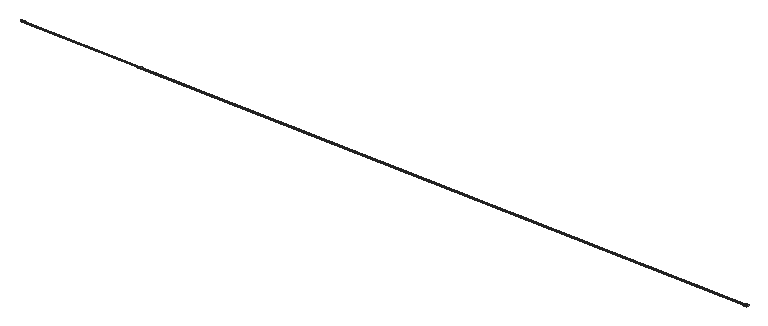
Revit family "0068180", category Lighting Fixtures, host Face, Revit 2017
Family settings
  Host = Face
  Round Connector Dimension = Use Diameter
  Part Type = Normal
  OmniClass Number = 23.80.70.00
  OmniClass Title = Lighting
  Cut with Voids When Loaded = No
  Light Source = Yes
  Shared = No
  Room Calculation Point = No
Parameters (values of type "0068180 FLEX PRO IP65 4400LM 930")
  Weight = "2.0 kg"
  Wattage Comments = ""
  Wattage = 48 W
  WarrantyStartDate [instance] = "n/a"
  WarrantyGuarantorParts = "n/a"
  WarrantyDurationUnit = "n/a"
  WarrantyDurationParts = "n/a"
  WarrantyDescription = "n/a"
  built-in parameter 1150110 = 1 (stored number, unit not read)
  Voltage = 0 V
  URL = "http://www.sylvania-lighting.com"
  TypeName = "Flex Pro IP65 4400lm 930"
  Type Image = <None>
  Type Comments = "n/a"
  built-in parameter 1114217 = 1 (stored number, unit not read)
  Tilt Angle = -90.00°
  built-in parameter 1150109 = 1 (stored number, unit not read)
  built-in parameter 1150134 = (empty or 0)
  built-in parameter 1150113 = 1 (stored number, unit not read)
  SerialNumber [instance] = "n/a"
  Photometric Web File = "0068180.ies"
  PHOTOMETRY3_SYL = 0 mm
  PHOTOMETRY2_SYL = LUM_WIDTH_SYL  # 5 mm
  PHOTOMETRY1_SYL = LUM_LENGHT_SYL / 2  # 2500 mm
  Material_3_SYL = Default New Material(1)
  PowerFactor = 0
  PowerConsumption = "48 W"
  NominalLength = 5000 mm
  NominalHeight = 4 mm
  NominalDepth = 12 mm
  Name = "Flex Pro IP65 4400lm 930"
  ModelReference = Name  # "Flex Pro IP65 4400lm 930"
  ModelNumber = "0068180"
  Model = Name  # "Flex Pro IP65 4400lm 930"
  Material = "other housing"
  ManufacturerName = "Feilo Sylvania"
  Manufacturer = "Feilo Sylvania"
  LuminousEfficacy = "92 lm/W"
  built-in parameter 1150105 = 351.41 (stored number, unit not read)
  Lumens = 4416 lm
  LuminaireType = ""
  built-in parameter 1150115 = 1 (stored number, unit not read)
  LightOutputRatio = "n/a"
  built-in parameter 1150137 = (empty or 0)
  built-in parameter 1150139 = (empty or 0)
  LampsType = Lamp  # "LED"
  LampNominalLuminous = "4400 lm"
  LampMacAdamStep = "n/a"
  LampColourTemperature = "3000 K"
  LampColourRenderingIndex = "90"
  built-in parameter 1150112 = 1 (stored number, unit not read)
  built-in parameter 1150114 = 1 (stored number, unit not read)
  Lamp = "LED"
  LUM_WIDTH_SYL = 5 mm
  LUM_LENGHT_SYL!!!! = "MUST BE DIVISIBLE WITH 50"
  LUM_LENGHT_SYL = 5000 mm  # constant formula
  LED_CH_S_WIDTH_SYL = 1.5 mm
  LED_CH_S_DEPTH2_SYL = 1 mm
  LED_CH_S_DEPTH1_SYL = 1.1 mm
  LED_CH_L_WIDTH_SYL = 1.7 mm
  LED_CH_L_DIST_SYL = 8.3 mm
  LED_CH_L_DIST1_SYL = 6 mm
  LED_CH_L_DEPTH_SYL = 1.4 mm
  Keynote = "16500"
  InstallationDate [instance] = "n/a"
  InputVoltage = "n/a"
  InputNominalFrequency = "n/a"
  built-in parameter 1150132 = (empty or 0)
  built-in parameter 1150102 = (empty or 0)
  built-in parameter 1150107 = 3000 (stored number, unit not read)
  built-in parameter 1150138 = (empty or 0)
  IngressProtection = "IP65"
  ImpactProtectionIndex = "IK00"
  built-in parameter 1150106 = 3.5141 (stored number, unit not read)
  IfcExportType = "IfcLightFixtureType"
  IfcExportAs = "IfcLightFixtureType"
  Emit from Circle Diameter = 609.6 mm
  Emit Shape Visible in Rendering = no
  ElectricShockClassification = "Class III"
  built-in parameter 1150104 = 8.5471 (stored number, unit not read)
  END_CAP_WIDTH_SYL = 7 mm
  END_CAP2_WIDTH_SYL = 10 mm
  DocumentationLiterature = "http://www.sylvania-lighting.com/product/en-int/products/0068180"
  DimmingControlOptions = "n/a"
  Material_2_SYL = Default New Material
  Dimming Lamp Color Temperature Shift = <None>
  Description = ""
  Default Elevation = 1219.2 mm
  CreatedOn = "10/16/2020"
  CreatedBy = "@sylvania-lighting.com"
  Cost = 0
  Color Filter = 16777215
  built-in parameter 1114216 [instance] = (empty or 0)
  ClassificationValue = "EF_70_80"
  ClassificationName = "Uniclass2015"
  Material_1_SYL = Default
  CABLE_LENGHT_SYL = 1000 mm
  CABLE_FIX_SYL = 1 mm
  CABLE_END_SYL = 15 mm
  CABLE_DIST_SYL = 1.5 mm
  CABLE_DIST2_SYL = 1.5 mm
  CABLE_BLEND_SYL = 15 mm
  BarCode [instance] = "n/a"
  built-in parameter 1114218 = 1 (stored number, unit not read)
  built-in parameter 1150133 = 10 (stored number, unit not read)
  AssetType = "Fixed"
  AssetIdentifier [instance] = "n/a"
  Assembly Code = "D5020200"
  Apparent Load = 48 VA
  Material_4_SYL = none
Reference planes
  plane 1 "Center (Front/Back)": y = 0
  plane 2: z = 0
  plane 3 "Center (Left/Right)": x = 0
  plane 4: x = 5000
  plane 5: y = 5
  plane 6: y = -5
  plane 7: x = 1
  plane 8: x = -1000
  plane 9: x = -15
  plane 10: x = -985
  plane 11: y = 1.5
  plane 12: y = -1.5
  plane 13: y = 3.5
  plane 14: y = -3.5
  plane 15: y = 1.7
  plane 16: y = -1.7
  plane 17: y = 1.5
  plane 18: y = -1.5
  plane 19: x = 6
  plane 20: x = 14.3
  plane 21: x = 22.6
  plane 22: x = 30.9
  plane 23: x = 39.2
  plane 24: x = 47.5
  plane 25: x = 7.4
  plane 26: x = 4.6
  plane 27: x = 15.7
  plane 28: x = 12.9
  plane 29: x = 24
  plane 30: x = 21.2
  plane 31: x = 32.3
  plane 32: x = 29.5
  plane 33: x = 37.8
  plane 34: x = 40.6
  plane 35: x = 46.1
  plane 36: x = 48.9
  plane 37: x = 10.1
  plane 38: x = 18.4
  plane 39: x = 26.7
  plane 40: x = 35
  plane 41: x = 43.3
  plane 42: x = 9.1
  plane 43: x = 11.2
  plane 44: x = 17.4
  plane 45: x = 19.5
  plane 46: x = 44.4
  plane 47: x = 42.3
  plane 48: x = 36.1
  plane 49: x = 34
  plane 50: y = 7
  plane 51: y = -7
  plane 52: x = 5010
  plane 53: y = -6
  plane 54: y = 6
Forms (mm)
  Extrusion 1, solid, material "Default New Material" <- "Material_2_SYL"
    sketch origin (0, 0, 0) x (1, 0, 0) y (0, 1, 0)
      loop
        line (0, 5) -> (0, -5) -> (5000, -5) -> (5000, 5) -> (0, 5)
    from -0.9 to -1.2
  Sweep 2, solid, material "Default" <- "Material_1_SYL"
    path origin (0, 0, 0) x (1, 0, 0) y (0, 1, 0)
      loop
        line (-15, 1.5) -> (-985, 1.5)
    profile origin (-500, 1.5, 0) x (0, -1, 0) y (0, 0, 1)
      loop
        circle (0, 0) r 1.399
  Sweep 3, solid, material "Default" <- "Material_1_SYL"
    path origin (0, 0, 0) x (1, 0, 0) y (0, 1, 0)
      loop
        line (-15, -1.5) -> (-985, -1.5)
    profile origin (-500, -1.5, 0) x (0, -1, 0) y (0, 0, 1)
      loop
        circle (0, 0) r 1.353
  Revolve 4, solid
    sketch origin (0, 0, 0) x (1, 0, 0) y (0, 1, 0)
      loop
        line (-985, 1.5) -> (-985, 2.444) -> (-1000, 2.444) -> (-1000, 1.5) -> (-985, 1.5)
      axis (-985, 1.5) -> (-1000, 1.5)
    angle from 360 to 0
  Revolve 5, solid
    sketch origin (0, 0, 0) x (1, 0, 0) y (0, 1, 0)
      loop
        line (-985, -1.5) -> (-1000, -1.5) -> (-1000, -2.423) -> (-985, -2.423) -> (-985, -1.5)
      axis (-985, -1.5) -> (-1000, -1.5)
    angle from 360 to 0
  Extrusion 6, solid
    sketch origin (0, 0, 0) x (1, 0, 0) y (0, 1, 0)
      loop
        line (7.4, -1.7) -> (7.4, 1.7) -> (4.6, 1.7) -> (4.6, -1.7) -> (7.4, -1.7)
      loop
        line (15.7, -1.7) -> (15.7, 1.7) -> (12.9, 1.7) -> (12.9, -1.7) -> (15.7, -1.7)
      loop
        line (21.2, 1.7) -> (21.2, -1.7) -> (24, -1.7) -> (24, 1.7) -> (21.2, 1.7)
      loop
        line (32.3, -1.7) -> (32.3, 1.7) -> (29.5, 1.7) -> (29.5, -1.7) -> (32.3, -1.7)
      loop
        line (40.6, -1.7) -> (40.6, 1.7) -> (37.8, 1.7) -> (37.8, -1.7) -> (40.6, -1.7)
      loop
        line (48.9, -1.7) -> (48.9, 1.7) -> (46.1, 1.7) -> (46.1, -1.7) -> (48.9, -1.7)
    from -1.2 to 0
  Extrusion 7, solid
    sketch origin (0, 0, 0) x (1, 0, 0) y (0, 1, 0)
      loop
        line (9.1, 1.5) -> (9.1, -1.5) -> (11.2, -1.5) -> (11.2, 1.5) -> (9.1, 1.5)
      loop
        line (17.4, 1.5) -> (17.4, -1.5) -> (19.5, -1.5) -> (19.5, 1.5) -> (17.4, 1.5)
      loop
        line (34, 1.5) -> (34, -1.5) -> (36.1, -1.5) -> (36.1, 1.5) -> (34, 1.5)
      loop
        line (42.3, 1.5) -> (42.3, -1.5) -> (44.4, -1.5) -> (44.4, 1.5) -> (42.3, 1.5)
    from -1.2 to -0.5
  Extrusion 8, solid
    sketch origin (4946.4, 0, 0) x (1, 0, 0) y (0, 1, 0)
      loop
        line (7.4, -1.7) -> (7.4, 1.7) -> (4.6, 1.7) -> (4.6, -1.7) -> (7.4, -1.7)
      loop
        line (15.7, -1.7) -> (15.7, 1.7) -> (12.9, 1.7) -> (12.9, -1.7) -> (15.7, -1.7)
      loop
        line (21.2, 1.7) -> (21.2, -1.7) -> (24, -1.7) -> (24, 1.7) -> (21.2, 1.7)
      loop
        line (32.3, -1.7) -> (32.3, 1.7) -> (29.5, 1.7) -> (29.5, -1.7) -> (32.3, -1.7)
      loop
        line (40.6, -1.7) -> (40.6, 1.7) -> (37.8, 1.7) -> (37.8, -1.7) -> (40.6, -1.7)
      loop
        line (48.9, -1.7) -> (48.9, 1.7) -> (46.1, 1.7) -> (46.1, -1.7) -> (48.9, -1.7)
    from -1.2 to 0
  Extrusion 9, solid
    sketch origin (49.964, 0, 0) x (1, 0, 0) y (0, 1, 0)
      loop
        line (7.4, -1.7) -> (7.4, 1.7) -> (4.6, 1.7) -> (4.6, -1.7) -> (7.4, -1.7)
      loop
        line (15.7, -1.7) -> (15.7, 1.7) -> (12.9, 1.7) -> (12.9, -1.7) -> (15.7, -1.7)
      loop
        line (21.2, 1.7) -> (21.2, -1.7) -> (24, -1.7) -> (24, 1.7) -> (21.2, 1.7)
      loop
        line (32.3, -1.7) -> (32.3, 1.7) -> (29.5, 1.7) -> (29.5, -1.7) -> (32.3, -1.7)
      loop
        line (40.6, -1.7) -> (40.6, 1.7) -> (37.8, 1.7) -> (37.8, -1.7) -> (40.6, -1.7)
      loop
        line (48.9, -1.7) -> (48.9, 1.7) -> (46.1, 1.7) -> (46.1, -1.7) -> (48.9, -1.7)
    from -1.2 to 0
  Extrusion 10, solid
    sketch origin (99.927, 0, 0) x (1, 0, 0) y (0, 1, 0)
      loop
        line (7.4, -1.7) -> (7.4, 1.7) -> (4.6, 1.7) -> (4.6, -1.7) -> (7.4, -1.7)
      loop
        line (15.7, -1.7) -> (15.7, 1.7) -> (12.9, 1.7) -> (12.9, -1.7) -> (15.7, -1.7)
      loop
        line (21.2, 1.7) -> (21.2, -1.7) -> (24, -1.7) -> (24, 1.7) -> (21.2, 1.7)
      loop
        line (32.3, -1.7) -> (32.3, 1.7) -> (29.5, 1.7) -> (29.5, -1.7) -> (32.3, -1.7)
      loop
        line (40.6, -1.7) -> (40.6, 1.7) -> (37.8, 1.7) -> (37.8, -1.7) -> (40.6, -1.7)
      loop
        line (48.9, -1.7) -> (48.9, 1.7) -> (46.1, 1.7) -> (46.1, -1.7) -> (48.9, -1.7)
    from -1.2 to 0
  Extrusion 11, solid
    sketch origin (149.891, 0, 0) x (1, 0, 0) y (0, 1, 0)
      loop
        line (7.4, -1.7) -> (7.4, 1.7) -> (4.6, 1.7) -> (4.6, -1.7) -> (7.4, -1.7)
      loop
        line (15.7, -1.7) -> (15.7, 1.7) -> (12.9, 1.7) -> (12.9, -1.7) -> (15.7, -1.7)
      loop
        line (21.2, 1.7) -> (21.2, -1.7) -> (24, -1.7) -> (24, 1.7) -> (21.2, 1.7)
      loop
        line (32.3, -1.7) -> (32.3, 1.7) -> (29.5, 1.7) -> (29.5, -1.7) -> (32.3, -1.7)
      loop
        line (40.6, -1.7) -> (40.6, 1.7) -> (37.8, 1.7) -> (37.8, -1.7) -> (40.6, -1.7)
      loop
        line (48.9, -1.7) -> (48.9, 1.7) -> (46.1, 1.7) -> (46.1, -1.7) -> (48.9, -1.7)
    from -1.2 to 0
  Extrusion 12, solid
    sketch origin (199.855, 0, 0) x (1, 0, 0) y (0, 1, 0)
      loop
        line (7.4, -1.7) -> (7.4, 1.7) -> (4.6, 1.7) -> (4.6, -1.7) -> (7.4, -1.7)
      loop
        line (15.7, -1.7) -> (15.7, 1.7) -> (12.9, 1.7) -> (12.9, -1.7) -> (15.7, -1.7)
      loop
        line (21.2, 1.7) -> (21.2, -1.7) -> (24, -1.7) -> (24, 1.7) -> (21.2, 1.7)
      loop
        line (32.3, -1.7) -> (32.3, 1.7) -> (29.5, 1.7) -> (29.5, -1.7) -> (32.3, -1.7)
      loop
        line (40.6, -1.7) -> (40.6, 1.7) -> (37.8, 1.7) -> (37.8, -1.7) -> (40.6, -1.7)
      loop
        line (48.9, -1.7) -> (48.9, 1.7) -> (46.1, 1.7) -> (46.1, -1.7) -> (48.9, -1.7)
    from -1.2 to 0
  Extrusion 13, solid
    sketch origin (249.818, 0, 0) x (1, 0, 0) y (0, 1, 0)
      loop
        line (7.4, -1.7) -> (7.4, 1.7) -> (4.6, 1.7) -> (4.6, -1.7) -> (7.4, -1.7)
      loop
        line (15.7, -1.7) -> (15.7, 1.7) -> (12.9, 1.7) -> (12.9, -1.7) -> (15.7, -1.7)
      loop
        line (21.2, 1.7) -> (21.2, -1.7) -> (24, -1.7) -> (24, 1.7) -> (21.2, 1.7)
      loop
        line (32.3, -1.7) -> (32.3, 1.7) -> (29.5, 1.7) -> (29.5, -1.7) -> (32.3, -1.7)
      loop
        line (40.6, -1.7) -> (40.6, 1.7) -> (37.8, 1.7) -> (37.8, -1.7) -> (40.6, -1.7)
      loop
        line (48.9, -1.7) -> (48.9, 1.7) -> (46.1, 1.7) -> (46.1, -1.7) -> (48.9, -1.7)
    from -1.2 to 0
  Extrusion 14, solid
    sketch origin (299.782, 0, 0) x (1, 0, 0) y (0, 1, 0)
      loop
        line (7.4, -1.7) -> (7.4, 1.7) -> (4.6, 1.7) -> (4.6, -1.7) -> (7.4, -1.7)
      loop
        line (15.7, -1.7) -> (15.7, 1.7) -> (12.9, 1.7) -> (12.9, -1.7) -> (15.7, -1.7)
      loop
        line (21.2, 1.7) -> (21.2, -1.7) -> (24, -1.7) -> (24, 1.7) -> (21.2, 1.7)
      loop
        line (32.3, -1.7) -> (32.3, 1.7) -> (29.5, 1.7) -> (29.5, -1.7) -> (32.3, -1.7)
      loop
        line (40.6, -1.7) -> (40.6, 1.7) -> (37.8, 1.7) -> (37.8, -1.7) -> (40.6, -1.7)
      loop
        line (48.9, -1.7) -> (48.9, 1.7) -> (46.1, 1.7) -> (46.1, -1.7) -> (48.9, -1.7)
    from -1.2 to 0
  Extrusion 15, solid
    sketch origin (349.745, 0, 0) x (1, 0, 0) y (0, 1, 0)
      loop
        line (7.4, -1.7) -> (7.4, 1.7) -> (4.6, 1.7) -> (4.6, -1.7) -> (7.4, -1.7)
      loop
        line (15.7, -1.7) -> (15.7, 1.7) -> (12.9, 1.7) -> (12.9, -1.7) -> (15.7, -1.7)
      loop
        line (21.2, 1.7) -> (21.2, -1.7) -> (24, -1.7) -> (24, 1.7) -> (21.2, 1.7)
      loop
        line (32.3, -1.7) -> (32.3, 1.7) -> (29.5, 1.7) -> (29.5, -1.7) -> (32.3, -1.7)
      loop
        line (40.6, -1.7) -> (40.6, 1.7) -> (37.8, 1.7) -> (37.8, -1.7) -> (40.6, -1.7)
      loop
        line (48.9, -1.7) -> (48.9, 1.7) -> (46.1, 1.7) -> (46.1, -1.7) -> (48.9, -1.7)
    from -1.2 to 0
  Extrusion 16, solid
    sketch origin (399.709, 0, 0) x (1, 0, 0) y (0, 1, 0)
      loop
        line (7.4, -1.7) -> (7.4, 1.7) -> (4.6, 1.7) -> (4.6, -1.7) -> (7.4, -1.7)
      loop
        line (15.7, -1.7) -> (15.7, 1.7) -> (12.9, 1.7) -> (12.9, -1.7) -> (15.7, -1.7)
      loop
        line (21.2, 1.7) -> (21.2, -1.7) -> (24, -1.7) -> (24, 1.7) -> (21.2, 1.7)
      loop
        line (32.3, -1.7) -> (32.3, 1.7) -> (29.5, 1.7) -> (29.5, -1.7) -> (32.3, -1.7)
      loop
        line (40.6, -1.7) -> (40.6, 1.7) -> (37.8, 1.7) -> (37.8, -1.7) -> (40.6, -1.7)
      loop
        line (48.9, -1.7) -> (48.9, 1.7) -> (46.1, 1.7) -> (46.1, -1.7) -> (48.9, -1.7)
    from -1.2 to 0
  Extrusion 17, solid
    sketch origin (449.673, 0, 0) x (1, 0, 0) y (0, 1, 0)
      loop
        line (7.4, -1.7) -> (7.4, 1.7) -> (4.6, 1.7) -> (4.6, -1.7) -> (7.4, -1.7)
      loop
        line (15.7, -1.7) -> (15.7, 1.7) -> (12.9, 1.7) -> (12.9, -1.7) -> (15.7, -1.7)
      loop
        line (21.2, 1.7) -> (21.2, -1.7) -> (24, -1.7) -> (24, 1.7) -> (21.2, 1.7)
      loop
        line (32.3, -1.7) -> (32.3, 1.7) -> (29.5, 1.7) -> (29.5, -1.7) -> (32.3, -1.7)
      loop
        line (40.6, -1.7) -> (40.6, 1.7) -> (37.8, 1.7) -> (37.8, -1.7) -> (40.6, -1.7)
      loop
        line (48.9, -1.7) -> (48.9, 1.7) -> (46.1, 1.7) -> (46.1, -1.7) -> (48.9, -1.7)
    from -1.2 to 0
  Extrusion 18, solid
    sketch origin (499.636, 0, 0) x (1, 0, 0) y (0, 1, 0)
      loop
        line (7.4, -1.7) -> (7.4, 1.7) -> (4.6, 1.7) -> (4.6, -1.7) -> (7.4, -1.7)
      loop
        line (15.7, -1.7) -> (15.7, 1.7) -> (12.9, 1.7) -> (12.9, -1.7) -> (15.7, -1.7)
      loop
        line (21.2, 1.7) -> (21.2, -1.7) -> (24, -1.7) -> (24, 1.7) -> (21.2, 1.7)
      loop
        line (32.3, -1.7) -> (32.3, 1.7) -> (29.5, 1.7) -> (29.5, -1.7) -> (32.3, -1.7)
      loop
        line (40.6, -1.7) -> (40.6, 1.7) -> (37.8, 1.7) -> (37.8, -1.7) -> (40.6, -1.7)
      loop
        line (48.9, -1.7) -> (48.9, 1.7) -> (46.1, 1.7) -> (46.1, -1.7) -> (48.9, -1.7)
    from -1.2 to 0
  Extrusion 19, solid
    sketch origin (549.6, 0, 0) x (1, 0, 0) y (0, 1, 0)
      loop
        line (7.4, -1.7) -> (7.4, 1.7) -> (4.6, 1.7) -> (4.6, -1.7) -> (7.4, -1.7)
      loop
        line (15.7, -1.7) -> (15.7, 1.7) -> (12.9, 1.7) -> (12.9, -1.7) -> (15.7, -1.7)
      loop
        line (21.2, 1.7) -> (21.2, -1.7) -> (24, -1.7) -> (24, 1.7) -> (21.2, 1.7)
      loop
        line (32.3, -1.7) -> (32.3, 1.7) -> (29.5, 1.7) -> (29.5, -1.7) -> (32.3, -1.7)
      loop
        line (40.6, -1.7) -> (40.6, 1.7) -> (37.8, 1.7) -> (37.8, -1.7) -> (40.6, -1.7)
      loop
        line (48.9, -1.7) -> (48.9, 1.7) -> (46.1, 1.7) -> (46.1, -1.7) -> (48.9, -1.7)
    from -1.2 to 0
  Extrusion 20, solid
    sketch origin (599.564, 0, 0) x (1, 0, 0) y (0, 1, 0)
      loop
        line (7.4, -1.7) -> (7.4, 1.7) -> (4.6, 1.7) -> (4.6, -1.7) -> (7.4, -1.7)
      loop
        line (15.7, -1.7) -> (15.7, 1.7) -> (12.9, 1.7) -> (12.9, -1.7) -> (15.7, -1.7)
      loop
        line (21.2, 1.7) -> (21.2, -1.7) -> (24, -1.7) -> (24, 1.7) -> (21.2, 1.7)
      loop
        line (32.3, -1.7) -> (32.3, 1.7) -> (29.5, 1.7) -> (29.5, -1.7) -> (32.3, -1.7)
      loop
        line (40.6, -1.7) -> (40.6, 1.7) -> (37.8, 1.7) -> (37.8, -1.7) -> (40.6, -1.7)
      loop
        line (48.9, -1.7) -> (48.9, 1.7) -> (46.1, 1.7) -> (46.1, -1.7) -> (48.9, -1.7)
    from -1.2 to 0
  Extrusion 21, solid
    sketch origin (649.527, 0, 0) x (1, 0, 0) y (0, 1, 0)
      loop
        line (7.4, -1.7) -> (7.4, 1.7) -> (4.6, 1.7) -> (4.6, -1.7) -> (7.4, -1.7)
      loop
        line (15.7, -1.7) -> (15.7, 1.7) -> (12.9, 1.7) -> (12.9, -1.7) -> (15.7, -1.7)
      loop
        line (21.2, 1.7) -> (21.2, -1.7) -> (24, -1.7) -> (24, 1.7) -> (21.2, 1.7)
      loop
        line (32.3, -1.7) -> (32.3, 1.7) -> (29.5, 1.7) -> (29.5, -1.7) -> (32.3, -1.7)
      loop
        line (40.6, -1.7) -> (40.6, 1.7) -> (37.8, 1.7) -> (37.8, -1.7) -> (40.6, -1.7)
      loop
        line (48.9, -1.7) -> (48.9, 1.7) -> (46.1, 1.7) -> (46.1, -1.7) -> (48.9, -1.7)
    from -1.2 to 0
  Extrusion 22, solid
    sketch origin (699.491, 0, 0) x (1, 0, 0) y (0, 1, 0)
      loop
        line (7.4, -1.7) -> (7.4, 1.7) -> (4.6, 1.7) -> (4.6, -1.7) -> (7.4, -1.7)
      loop
        line (15.7, -1.7) -> (15.7, 1.7) -> (12.9, 1.7) -> (12.9, -1.7) -> (15.7, -1.7)
      loop
        line (21.2, 1.7) -> (21.2, -1.7) -> (24, -1.7) -> (24, 1.7) -> (21.2, 1.7)
      loop
        line (32.3, -1.7) -> (32.3, 1.7) -> (29.5, 1.7) -> (29.5, -1.7) -> (32.3, -1.7)
      loop
        line (40.6, -1.7) -> (40.6, 1.7) -> (37.8, 1.7) -> (37.8, -1.7) -> (40.6, -1.7)
      loop
        line (48.9, -1.7) -> (48.9, 1.7) -> (46.1, 1.7) -> (46.1, -1.7) -> (48.9, -1.7)
    from -1.2 to 0
  Extrusion 23, solid
    sketch origin (749.455, 0, 0) x (1, 0, 0) y (0, 1, 0)
      loop
        line (7.4, -1.7) -> (7.4, 1.7) -> (4.6, 1.7) -> (4.6, -1.7) -> (7.4, -1.7)
      loop
        line (15.7, -1.7) -> (15.7, 1.7) -> (12.9, 1.7) -> (12.9, -1.7) -> (15.7, -1.7)
      loop
        line (21.2, 1.7) -> (21.2, -1.7) -> (24, -1.7) -> (24, 1.7) -> (21.2, 1.7)
      loop
        line (32.3, -1.7) -> (32.3, 1.7) -> (29.5, 1.7) -> (29.5, -1.7) -> (32.3, -1.7)
      loop
        line (40.6, -1.7) -> (40.6, 1.7) -> (37.8, 1.7) -> (37.8, -1.7) -> (40.6, -1.7)
      loop
        line (48.9, -1.7) -> (48.9, 1.7) -> (46.1, 1.7) -> (46.1, -1.7) -> (48.9, -1.7)
    from -1.2 to 0
  Extrusion 24, solid
    sketch origin (799.418, 0, 0) x (1, 0, 0) y (0, 1, 0)
      loop
        line (7.4, -1.7) -> (7.4, 1.7) -> (4.6, 1.7) -> (4.6, -1.7) -> (7.4, -1.7)
      loop
        line (15.7, -1.7) -> (15.7, 1.7) -> (12.9, 1.7) -> (12.9, -1.7) -> (15.7, -1.7)
      loop
        line (21.2, 1.7) -> (21.2, -1.7) -> (24, -1.7) -> (24, 1.7) -> (21.2, 1.7)
      loop
        line (32.3, -1.7) -> (32.3, 1.7) -> (29.5, 1.7) -> (29.5, -1.7) -> (32.3, -1.7)
      loop
        line (40.6, -1.7) -> (40.6, 1.7) -> (37.8, 1.7) -> (37.8, -1.7) -> (40.6, -1.7)
      loop
        line (48.9, -1.7) -> (48.9, 1.7) -> (46.1, 1.7) -> (46.1, -1.7) -> (48.9, -1.7)
    from -1.2 to 0
  Extrusion 25, solid
    sketch origin (849.382, 0, 0) x (1, 0, 0) y (0, 1, 0)
      loop
        line (7.4, -1.7) -> (7.4, 1.7) -> (4.6, 1.7) -> (4.6, -1.7) -> (7.4, -1.7)
      loop
        line (15.7, -1.7) -> (15.7, 1.7) -> (12.9, 1.7) -> (12.9, -1.7) -> (15.7, -1.7)
      loop
        line (21.2, 1.7) -> (21.2, -1.7) -> (24, -1.7) -> (24, 1.7) -> (21.2, 1.7)
      loop
        line (32.3, -1.7) -> (32.3, 1.7) -> (29.5, 1.7) -> (29.5, -1.7) -> (32.3, -1.7)
      loop
        line (40.6, -1.7) -> (40.6, 1.7) -> (37.8, 1.7) -> (37.8, -1.7) -> (40.6, -1.7)
      loop
        line (48.9, -1.7) -> (48.9, 1.7) -> (46.1, 1.7) -> (46.1, -1.7) -> (48.9, -1.7)
    from -1.2 to 0
  Extrusion 26, solid
    sketch origin (899.345, 0, 0) x (1, 0, 0) y (0, 1, 0)
      loop
        line (7.4, -1.7) -> (7.4, 1.7) -> (4.6, 1.7) -> (4.6, -1.7) -> (7.4, -1.7)
      loop
        line (15.7, -1.7) -> (15.7, 1.7) -> (12.9, 1.7) -> (12.9, -1.7) -> (15.7, -1.7)
      loop
        line (21.2, 1.7) -> (21.2, -1.7) -> (24, -1.7) -> (24, 1.7) -> (21.2, 1.7)
      loop
        line (32.3, -1.7) -> (32.3, 1.7) -> (29.5, 1.7) -> (29.5, -1.7) -> (32.3, -1.7)
      loop
        line (40.6, -1.7) -> (40.6, 1.7) -> (37.8, 1.7) -> (37.8, -1.7) -> (40.6, -1.7)
      loop
        line (48.9, -1.7) -> (48.9, 1.7) -> (46.1, 1.7) -> (46.1, -1.7) -> (48.9, -1.7)
    from -1.2 to 0
  Extrusion 27, solid
    sketch origin (949.309, 0, 0) x (1, 0, 0) y (0, 1, 0)
      loop
        line (7.4, -1.7) -> (7.4, 1.7) -> (4.6, 1.7) -> (4.6, -1.7) -> (7.4, -1.7)
      loop
        line (15.7, -1.7) -> (15.7, 1.7) -> (12.9, 1.7) -> (12.9, -1.7) -> (15.7, -1.7)
      loop
        line (21.2, 1.7) -> (21.2, -1.7) -> (24, -1.7) -> (24, 1.7) -> (21.2, 1.7)
      loop
        line (32.3, -1.7) -> (32.3, 1.7) -> (29.5, 1.7) -> (29.5, -1.7) -> (32.3, -1.7)
      loop
        line (40.6, -1.7) -> (40.6, 1.7) -> (37.8, 1.7) -> (37.8, -1.7) -> (40.6, -1.7)
      loop
        line (48.9, -1.7) -> (48.9, 1.7) -> (46.1, 1.7) -> (46.1, -1.7) -> (48.9, -1.7)
    from -1.2 to 0
  Extrusion 28, solid
    sketch origin (999.273, 0, 0) x (1, 0, 0) y (0, 1, 0)
      loop
        line (7.4, -1.7) -> (7.4, 1.7) -> (4.6, 1.7) -> (4.6, -1.7) -> (7.4, -1.7)
      loop
        line (15.7, -1.7) -> (15.7, 1.7) -> (12.9, 1.7) -> (12.9, -1.7) -> (15.7, -1.7)
      loop
        line (21.2, 1.7) -> (21.2, -1.7) -> (24, -1.7) -> (24, 1.7) -> (21.2, 1.7)
      loop
        line (32.3, -1.7) -> (32.3, 1.7) -> (29.5, 1.7) -> (29.5, -1.7) -> (32.3, -1.7)
      loop
        line (40.6, -1.7) -> (40.6, 1.7) -> (37.8, 1.7) -> (37.8, -1.7) -> (40.6, -1.7)
      loop
        line (48.9, -1.7) -> (48.9, 1.7) -> (46.1, 1.7) -> (46.1, -1.7) -> (48.9, -1.7)
    from -1.2 to 0
  Extrusion 29, solid
    sketch origin (1049.236, 0, 0) x (1, 0, 0) y (0, 1, 0)
      loop
        line (7.4, -1.7) -> (7.4, 1.7) -> (4.6, 1.7) -> (4.6, -1.7) -> (7.4, -1.7)
      loop
        line (15.7, -1.7) -> (15.7, 1.7) -> (12.9, 1.7) -> (12.9, -1.7) -> (15.7, -1.7)
      loop
        line (21.2, 1.7) -> (21.2, -1.7) -> (24, -1.7) -> (24, 1.7) -> (21.2, 1.7)
      loop
        line (32.3, -1.7) -> (32.3, 1.7) -> (29.5, 1.7) -> (29.5, -1.7) -> (32.3, -1.7)
      loop
        line (40.6, -1.7) -> (40.6, 1.7) -> (37.8, 1.7) -> (37.8, -1.7) -> (40.6, -1.7)
      loop
        line (48.9, -1.7) -> (48.9, 1.7) -> (46.1, 1.7) -> (46.1, -1.7) -> (48.9, -1.7)
    from -1.2 to 0
  Extrusion 30, solid
    sketch origin (1099.2, 0, 0) x (1, 0, 0) y (0, 1, 0)
      loop
        line (7.4, -1.7) -> (7.4, 1.7) -> (4.6, 1.7) -> (4.6, -1.7) -> (7.4, -1.7)
      loop
        line (15.7, -1.7) -> (15.7, 1.7) -> (12.9, 1.7) -> (12.9, -1.7) -> (15.7, -1.7)
      loop
        line (21.2, 1.7) -> (21.2, -1.7) -> (24, -1.7) -> (24, 1.7) -> (21.2, 1.7)
      loop
        line (32.3, -1.7) -> (32.3, 1.7) -> (29.5, 1.7) -> (29.5, -1.7) -> (32.3, -1.7)
      loop
        line (40.6, -1.7) -> (40.6, 1.7) -> (37.8, 1.7) -> (37.8, -1.7) -> (40.6, -1.7)
      loop
        line (48.9, -1.7) -> (48.9, 1.7) -> (46.1, 1.7) -> (46.1, -1.7) -> (48.9, -1.7)
    from -1.2 to 0
  Extrusion 31, solid
    sketch origin (1149.164, 0, 0) x (1, 0, 0) y (0, 1, 0)
      loop
        line (7.4, -1.7) -> (7.4, 1.7) -> (4.6, 1.7) -> (4.6, -1.7) -> (7.4, -1.7)
      loop
        line (15.7, -1.7) -> (15.7, 1.7) -> (12.9, 1.7) -> (12.9, -1.7) -> (15.7, -1.7)
      loop
        line (21.2, 1.7) -> (21.2, -1.7) -> (24, -1.7) -> (24, 1.7) -> (21.2, 1.7)
      loop
        line (32.3, -1.7) -> (32.3, 1.7) -> (29.5, 1.7) -> (29.5, -1.7) -> (32.3, -1.7)
      loop
        line (40.6, -1.7) -> (40.6, 1.7) -> (37.8, 1.7) -> (37.8, -1.7) -> (40.6, -1.7)
      loop
        line (48.9, -1.7) -> (48.9, 1.7) -> (46.1, 1.7) -> (46.1, -1.7) -> (48.9, -1.7)
    from -1.2 to 0
  Extrusion 32, solid
    sketch origin (1199.127, 0, 0) x (1, 0, 0) y (0, 1, 0)
      loop
        line (7.4, -1.7) -> (7.4, 1.7) -> (4.6, 1.7) -> (4.6, -1.7) -> (7.4, -1.7)
      loop
        line (15.7, -1.7) -> (15.7, 1.7) -> (12.9, 1.7) -> (12.9, -1.7) -> (15.7, -1.7)
      loop
        line (21.2, 1.7) -> (21.2, -1.7) -> (24, -1.7) -> (24, 1.7) -> (21.2, 1.7)
      loop
        line (32.3, -1.7) -> (32.3, 1.7) -> (29.5, 1.7) -> (29.5, -1.7) -> (32.3, -1.7)
      loop
        line (40.6, -1.7) -> (40.6, 1.7) -> (37.8, 1.7) -> (37.8, -1.7) -> (40.6, -1.7)
      loop
        line (48.9, -1.7) -> (48.9, 1.7) -> (46.1, 1.7) -> (46.1, -1.7) -> (48.9, -1.7)
    from -1.2 to 0
  Extrusion 33, solid
    sketch origin (1249.091, 0, 0) x (1, 0, 0) y (0, 1, 0)
      loop
        line (7.4, -1.7) -> (7.4, 1.7) -> (4.6, 1.7) -> (4.6, -1.7) -> (7.4, -1.7)
      loop
        line (15.7, -1.7) -> (15.7, 1.7) -> (12.9, 1.7) -> (12.9, -1.7) -> (15.7, -1.7)
      loop
        line (21.2, 1.7) -> (21.2, -1.7) -> (24, -1.7) -> (24, 1.7) -> (21.2, 1.7)
      loop
        line (32.3, -1.7) -> (32.3, 1.7) -> (29.5, 1.7) -> (29.5, -1.7) -> (32.3, -1.7)
      loop
        line (40.6, -1.7) -> (40.6, 1.7) -> (37.8, 1.7) -> (37.8, -1.7) -> (40.6, -1.7)
      loop
        line (48.9, -1.7) -> (48.9, 1.7) -> (46.1, 1.7) -> (46.1, -1.7) -> (48.9, -1.7)
    from -1.2 to 0
  Extrusion 34, solid
    sketch origin (1299.055, 0, 0) x (1, 0, 0) y (0, 1, 0)
      loop
        line (7.4, -1.7) -> (7.4, 1.7) -> (4.6, 1.7) -> (4.6, -1.7) -> (7.4, -1.7)
      loop
        line (15.7, -1.7) -> (15.7, 1.7) -> (12.9, 1.7) -> (12.9, -1.7) -> (15.7, -1.7)
      loop
        line (21.2, 1.7) -> (21.2, -1.7) -> (24, -1.7) -> (24, 1.7) -> (21.2, 1.7)
      loop
        line (32.3, -1.7) -> (32.3, 1.7) -> (29.5, 1.7) -> (29.5, -1.7) -> (32.3, -1.7)
      loop
        line (40.6, -1.7) -> (40.6, 1.7) -> (37.8, 1.7) -> (37.8, -1.7) -> (40.6, -1.7)
      loop
        line (48.9, -1.7) -> (48.9, 1.7) -> (46.1, 1.7) -> (46.1, -1.7) -> (48.9, -1.7)
    from -1.2 to 0
  Extrusion 35, solid
    sketch origin (1349.018, 0, 0) x (1, 0, 0) y (0, 1, 0)
      loop
        line (7.4, -1.7) -> (7.4, 1.7) -> (4.6, 1.7) -> (4.6, -1.7) -> (7.4, -1.7)
      loop
        line (15.7, -1.7) -> (15.7, 1.7) -> (12.9, 1.7) -> (12.9, -1.7) -> (15.7, -1.7)
      loop
        line (21.2, 1.7) -> (21.2, -1.7) -> (24, -1.7) -> (24, 1.7) -> (21.2, 1.7)
      loop
        line (32.3, -1.7) -> (32.3, 1.7) -> (29.5, 1.7) -> (29.5, -1.7) -> (32.3, -1.7)
      loop
        line (40.6, -1.7) -> (40.6, 1.7) -> (37.8, 1.7) -> (37.8, -1.7) -> (40.6, -1.7)
      loop
        line (48.9, -1.7) -> (48.9, 1.7) -> (46.1, 1.7) -> (46.1, -1.7) -> (48.9, -1.7)
    from -1.2 to 0
  Extrusion 36, solid
    sketch origin (1398.982, 0, 0) x (1, 0, 0) y (0, 1, 0)
      loop
        line (7.4, -1.7) -> (7.4, 1.7) -> (4.6, 1.7) -> (4.6, -1.7) -> (7.4, -1.7)
      loop
        line (15.7, -1.7) -> (15.7, 1.7) -> (12.9, 1.7) -> (12.9, -1.7) -> (15.7, -1.7)
      loop
        line (21.2, 1.7) -> (21.2, -1.7) -> (24, -1.7) -> (24, 1.7) -> (21.2, 1.7)
      loop
        line (32.3, -1.7) -> (32.3, 1.7) -> (29.5, 1.7) -> (29.5, -1.7) -> (32.3, -1.7)
      loop
        line (40.6, -1.7) -> (40.6, 1.7) -> (37.8, 1.7) -> (37.8, -1.7) -> (40.6, -1.7)
      loop
        line (48.9, -1.7) -> (48.9, 1.7) -> (46.1, 1.7) -> (46.1, -1.7) -> (48.9, -1.7)
    from -1.2 to 0
  Extrusion 37, solid
    sketch origin (1448.945, 0, 0) x (1, 0, 0) y (0, 1, 0)
      loop
        line (7.4, -1.7) -> (7.4, 1.7) -> (4.6, 1.7) -> (4.6, -1.7) -> (7.4, -1.7)
      loop
        line (15.7, -1.7) -> (15.7, 1.7) -> (12.9, 1.7) -> (12.9, -1.7) -> (15.7, -1.7)
      loop
        line (21.2, 1.7) -> (21.2, -1.7) -> (24, -1.7) -> (24, 1.7) -> (21.2, 1.7)
      loop
        line (32.3, -1.7) -> (32.3, 1.7) -> (29.5, 1.7) -> (29.5, -1.7) -> (32.3, -1.7)
      loop
        line (40.6, -1.7) -> (40.6, 1.7) -> (37.8, 1.7) -> (37.8, -1.7) -> (40.6, -1.7)
      loop
        line (48.9, -1.7) -> (48.9, 1.7) -> (46.1, 1.7) -> (46.1, -1.7) -> (48.9, -1.7)
    from -1.2 to 0
  Extrusion 38, solid
    sketch origin (1498.909, 0, 0) x (1, 0, 0) y (0, 1, 0)
      loop
        line (7.4, -1.7) -> (7.4, 1.7) -> (4.6, 1.7) -> (4.6, -1.7) -> (7.4, -1.7)
      loop
        line (15.7, -1.7) -> (15.7, 1.7) -> (12.9, 1.7) -> (12.9, -1.7) -> (15.7, -1.7)
      loop
        line (21.2, 1.7) -> (21.2, -1.7) -> (24, -1.7) -> (24, 1.7) -> (21.2, 1.7)
      loop
        line (32.3, -1.7) -> (32.3, 1.7) -> (29.5, 1.7) -> (29.5, -1.7) -> (32.3, -1.7)
      loop
        line (40.6, -1.7) -> (40.6, 1.7) -> (37.8, 1.7) -> (37.8, -1.7) -> (40.6, -1.7)
      loop
        line (48.9, -1.7) -> (48.9, 1.7) -> (46.1, 1.7) -> (46.1, -1.7) -> (48.9, -1.7)
    from -1.2 to 0
  Extrusion 39, solid
    sketch origin (1548.873, 0, 0) x (1, 0, 0) y (0, 1, 0)
      loop
        line (7.4, -1.7) -> (7.4, 1.7) -> (4.6, 1.7) -> (4.6, -1.7) -> (7.4, -1.7)
      loop
        line (15.7, -1.7) -> (15.7, 1.7) -> (12.9, 1.7) -> (12.9, -1.7) -> (15.7, -1.7)
      loop
        line (21.2, 1.7) -> (21.2, -1.7) -> (24, -1.7) -> (24, 1.7) -> (21.2, 1.7)
      loop
        line (32.3, -1.7) -> (32.3, 1.7) -> (29.5, 1.7) -> (29.5, -1.7) -> (32.3, -1.7)
      loop
        line (40.6, -1.7) -> (40.6, 1.7) -> (37.8, 1.7) -> (37.8, -1.7) -> (40.6, -1.7)
      loop
        line (48.9, -1.7) -> (48.9, 1.7) -> (46.1, 1.7) -> (46.1, -1.7) -> (48.9, -1.7)
    from -1.2 to 0
  Extrusion 40, solid
    sketch origin (1598.836, 0, 0) x (1, 0, 0) y (0, 1, 0)
      loop
        line (7.4, -1.7) -> (7.4, 1.7) -> (4.6, 1.7) -> (4.6, -1.7) -> (7.4, -1.7)
      loop
        line (15.7, -1.7) -> (15.7, 1.7) -> (12.9, 1.7) -> (12.9, -1.7) -> (15.7, -1.7)
      loop
        line (21.2, 1.7) -> (21.2, -1.7) -> (24, -1.7) -> (24, 1.7) -> (21.2, 1.7)
      loop
        line (32.3, -1.7) -> (32.3, 1.7) -> (29.5, 1.7) -> (29.5, -1.7) -> (32.3, -1.7)
      loop
        line (40.6, -1.7) -> (40.6, 1.7) -> (37.8, 1.7) -> (37.8, -1.7) -> (40.6, -1.7)
      loop
        line (48.9, -1.7) -> (48.9, 1.7) -> (46.1, 1.7) -> (46.1, -1.7) -> (48.9, -1.7)
    from -1.2 to 0
  Extrusion 41, solid
    sketch origin (1648.8, 0, 0) x (1, 0, 0) y (0, 1, 0)
      loop
        line (7.4, -1.7) -> (7.4, 1.7) -> (4.6, 1.7) -> (4.6, -1.7) -> (7.4, -1.7)
      loop
        line (15.7, -1.7) -> (15.7, 1.7) -> (12.9, 1.7) -> (12.9, -1.7) -> (15.7, -1.7)
      loop
        line (21.2, 1.7) -> (21.2, -1.7) -> (24, -1.7) -> (24, 1.7) -> (21.2, 1.7)
      loop
        line (32.3, -1.7) -> (32.3, 1.7) -> (29.5, 1.7) -> (29.5, -1.7) -> (32.3, -1.7)
      loop
        line (40.6, -1.7) -> (40.6, 1.7) -> (37.8, 1.7) -> (37.8, -1.7) -> (40.6, -1.7)
      loop
        line (48.9, -1.7) -> (48.9, 1.7) -> (46.1, 1.7) -> (46.1, -1.7) -> (48.9, -1.7)
    from -1.2 to 0
  Extrusion 42, solid
    sketch origin (1698.764, 0, 0) x (1, 0, 0) y (0, 1, 0)
      loop
        line (7.4, -1.7) -> (7.4, 1.7) -> (4.6, 1.7) -> (4.6, -1.7) -> (7.4, -1.7)
      loop
        line (15.7, -1.7) -> (15.7, 1.7) -> (12.9, 1.7) -> (12.9, -1.7) -> (15.7, -1.7)
      loop
        line (21.2, 1.7) -> (21.2, -1.7) -> (24, -1.7) -> (24, 1.7) -> (21.2, 1.7)
      loop
        line (32.3, -1.7) -> (32.3, 1.7) -> (29.5, 1.7) -> (29.5, -1.7) -> (32.3, -1.7)
      loop
        line (40.6, -1.7) -> (40.6, 1.7) -> (37.8, 1.7) -> (37.8, -1.7) -> (40.6, -1.7)
      loop
        line (48.9, -1.7) -> (48.9, 1.7) -> (46.1, 1.7) -> (46.1, -1.7) -> (48.9, -1.7)
    from -1.2 to 0
  Extrusion 43, solid
    sketch origin (1748.727, 0, 0) x (1, 0, 0) y (0, 1, 0)
      loop
        line (7.4, -1.7) -> (7.4, 1.7) -> (4.6, 1.7) -> (4.6, -1.7) -> (7.4, -1.7)
      loop
        line (15.7, -1.7) -> (15.7, 1.7) -> (12.9, 1.7) -> (12.9, -1.7) -> (15.7, -1.7)
      loop
        line (21.2, 1.7) -> (21.2, -1.7) -> (24, -1.7) -> (24, 1.7) -> (21.2, 1.7)
      loop
        line (32.3, -1.7) -> (32.3, 1.7) -> (29.5, 1.7) -> (29.5, -1.7) -> (32.3, -1.7)
      loop
        line (40.6, -1.7) -> (40.6, 1.7) -> (37.8, 1.7) -> (37.8, -1.7) -> (40.6, -1.7)
      loop
        line (48.9, -1.7) -> (48.9, 1.7) -> (46.1, 1.7) -> (46.1, -1.7) -> (48.9, -1.7)
    from -1.2 to 0
  Extrusion 44, solid
    sketch origin (1798.691, 0, 0) x (1, 0, 0) y (0, 1, 0)
      loop
        line (7.4, -1.7) -> (7.4, 1.7) -> (4.6, 1.7) -> (4.6, -1.7) -> (7.4, -1.7)
      loop
        line (15.7, -1.7) -> (15.7, 1.7) -> (12.9, 1.7) -> (12.9, -1.7) -> (15.7, -1.7)
      loop
        line (21.2, 1.7) -> (21.2, -1.7) -> (24, -1.7) -> (24, 1.7) -> (21.2, 1.7)
      loop
        line (32.3, -1.7) -> (32.3, 1.7) -> (29.5, 1.7) -> (29.5, -1.7) -> (32.3, -1.7)
      loop
        line (40.6, -1.7) -> (40.6, 1.7) -> (37.8, 1.7) -> (37.8, -1.7) -> (40.6, -1.7)
      loop
        line (48.9, -1.7) -> (48.9, 1.7) -> (46.1, 1.7) -> (46.1, -1.7) -> (48.9, -1.7)
    from -1.2 to 0
  Extrusion 45, solid
    sketch origin (1848.655, 0, 0) x (1, 0, 0) y (0, 1, 0)
      loop
        line (7.4, -1.7) -> (7.4, 1.7) -> (4.6, 1.7) -> (4.6, -1.7) -> (7.4, -1.7)
      loop
        line (15.7, -1.7) -> (15.7, 1.7) -> (12.9, 1.7) -> (12.9, -1.7) -> (15.7, -1.7)
      loop
        line (21.2, 1.7) -> (21.2, -1.7) -> (24, -1.7) -> (24, 1.7) -> (21.2, 1.7)
      loop
        line (32.3, -1.7) -> (32.3, 1.7) -> (29.5, 1.7) -> (29.5, -1.7) -> (32.3, -1.7)
      loop
        line (40.6, -1.7) -> (40.6, 1.7) -> (37.8, 1.7) -> (37.8, -1.7) -> (40.6, -1.7)
      loop
        line (48.9, -1.7) -> (48.9, 1.7) -> (46.1, 1.7) -> (46.1, -1.7) -> (48.9, -1.7)
    from -1.2 to 0
  Extrusion 46, solid
    sketch origin (1898.618, 0, 0) x (1, 0, 0) y (0, 1, 0)
      loop
        line (7.4, -1.7) -> (7.4, 1.7) -> (4.6, 1.7) -> (4.6, -1.7) -> (7.4, -1.7)
      loop
        line (15.7, -1.7) -> (15.7, 1.7) -> (12.9, 1.7) -> (12.9, -1.7) -> (15.7, -1.7)
      loop
        line (21.2, 1.7) -> (21.2, -1.7) -> (24, -1.7) -> (24, 1.7) -> (21.2, 1.7)
      loop
        line (32.3, -1.7) -> (32.3, 1.7) -> (29.5, 1.7) -> (29.5, -1.7) -> (32.3, -1.7)
      loop
        line (40.6, -1.7) -> (40.6, 1.7) -> (37.8, 1.7) -> (37.8, -1.7) -> (40.6, -1.7)
      loop
        line (48.9, -1.7) -> (48.9, 1.7) -> (46.1, 1.7) -> (46.1, -1.7) -> (48.9, -1.7)
    from -1.2 to 0
  Extrusion 47, solid
    sketch origin (1948.582, 0, 0) x (1, 0, 0) y (0, 1, 0)
      loop
        line (7.4, -1.7) -> (7.4, 1.7) -> (4.6, 1.7) -> (4.6, -1.7) -> (7.4, -1.7)
      loop
        line (15.7, -1.7) -> (15.7, 1.7) -> (12.9, 1.7) -> (12.9, -1.7) -> (15.7, -1.7)
      loop
        line (21.2, 1.7) -> (21.2, -1.7) -> (24, -1.7) -> (24, 1.7) -> (21.2, 1.7)
      loop
        line (32.3, -1.7) -> (32.3, 1.7) -> (29.5, 1.7) -> (29.5, -1.7) -> (32.3, -1.7)
      loop
        line (40.6, -1.7) -> (40.6, 1.7) -> (37.8, 1.7) -> (37.8, -1.7) -> (40.6, -1.7)
      loop
        line (48.9, -1.7) -> (48.9, 1.7) -> (46.1, 1.7) -> (46.1, -1.7) -> (48.9, -1.7)
    from -1.2 to 0
  Extrusion 48, solid
    sketch origin (1998.545, 0, 0) x (1, 0, 0) y (0, 1, 0)
      loop
        line (7.4, -1.7) -> (7.4, 1.7) -> (4.6, 1.7) -> (4.6, -1.7) -> (7.4, -1.7)
      loop
        line (15.7, -1.7) -> (15.7, 1.7) -> (12.9, 1.7) -> (12.9, -1.7) -> (15.7, -1.7)
      loop
        line (21.2, 1.7) -> (21.2, -1.7) -> (24, -1.7) -> (24, 1.7) -> (21.2, 1.7)
      loop
        line (32.3, -1.7) -> (32.3, 1.7) -> (29.5, 1.7) -> (29.5, -1.7) -> (32.3, -1.7)
      loop
        line (40.6, -1.7) -> (40.6, 1.7) -> (37.8, 1.7) -> (37.8, -1.7) -> (40.6, -1.7)
      loop
        line (48.9, -1.7) -> (48.9, 1.7) -> (46.1, 1.7) -> (46.1, -1.7) -> (48.9, -1.7)
    from -1.2 to 0
  Extrusion 49, solid
    sketch origin (2048.509, 0, 0) x (1, 0, 0) y (0, 1, 0)
      loop
        line (7.4, -1.7) -> (7.4, 1.7) -> (4.6, 1.7) -> (4.6, -1.7) -> (7.4, -1.7)
      loop
        line (15.7, -1.7) -> (15.7, 1.7) -> (12.9, 1.7) -> (12.9, -1.7) -> (15.7, -1.7)
      loop
        line (21.2, 1.7) -> (21.2, -1.7) -> (24, -1.7) -> (24, 1.7) -> (21.2, 1.7)
      loop
        line (32.3, -1.7) -> (32.3, 1.7) -> (29.5, 1.7) -> (29.5, -1.7) -> (32.3, -1.7)
      loop
        line (40.6, -1.7) -> (40.6, 1.7) -> (37.8, 1.7) -> (37.8, -1.7) -> (40.6, -1.7)
      loop
        line (48.9, -1.7) -> (48.9, 1.7) -> (46.1, 1.7) -> (46.1, -1.7) -> (48.9, -1.7)
    from -1.2 to 0
  Extrusion 50, solid
    sketch origin (2098.473, 0, 0) x (1, 0, 0) y (0, 1, 0)
      loop
        line (7.4, -1.7) -> (7.4, 1.7) -> (4.6, 1.7) -> (4.6, -1.7) -> (7.4, -1.7)
      loop
        line (15.7, -1.7) -> (15.7, 1.7) -> (12.9, 1.7) -> (12.9, -1.7) -> (15.7, -1.7)
      loop
        line (21.2, 1.7) -> (21.2, -1.7) -> (24, -1.7) -> (24, 1.7) -> (21.2, 1.7)
      loop
        line (32.3, -1.7) -> (32.3, 1.7) -> (29.5, 1.7) -> (29.5, -1.7) -> (32.3, -1.7)
      loop
        line (40.6, -1.7) -> (40.6, 1.7) -> (37.8, 1.7) -> (37.8, -1.7) -> (40.6, -1.7)
      loop
        line (48.9, -1.7) -> (48.9, 1.7) -> (46.1, 1.7) -> (46.1, -1.7) -> (48.9, -1.7)
    from -1.2 to 0
  Extrusion 51, solid
    sketch origin (2148.436, 0, 0) x (1, 0, 0) y (0, 1, 0)
      loop
        line (7.4, -1.7) -> (7.4, 1.7) -> (4.6, 1.7) -> (4.6, -1.7) -> (7.4, -1.7)
      loop
        line (15.7, -1.7) -> (15.7, 1.7) -> (12.9, 1.7) -> (12.9, -1.7) -> (15.7, -1.7)
      loop
        line (21.2, 1.7) -> (21.2, -1.7) -> (24, -1.7) -> (24, 1.7) -> (21.2, 1.7)
      loop
        line (32.3, -1.7) -> (32.3, 1.7) -> (29.5, 1.7) -> (29.5, -1.7) -> (32.3, -1.7)
      loop
        line (40.6, -1.7) -> (40.6, 1.7) -> (37.8, 1.7) -> (37.8, -1.7) -> (40.6, -1.7)
      loop
        line (48.9, -1.7) -> (48.9, 1.7) -> (46.1, 1.7) -> (46.1, -1.7) -> (48.9, -1.7)
    from -1.2 to 0
  Extrusion 52, solid
    sketch origin (2198.4, 0, 0) x (1, 0, 0) y (0, 1, 0)
      loop
        line (7.4, -1.7) -> (7.4, 1.7) -> (4.6, 1.7) -> (4.6, -1.7) -> (7.4, -1.7)
      loop
        line (15.7, -1.7) -> (15.7, 1.7) -> (12.9, 1.7) -> (12.9, -1.7) -> (15.7, -1.7)
      loop
        line (21.2, 1.7) -> (21.2, -1.7) -> (24, -1.7) -> (24, 1.7) -> (21.2, 1.7)
      loop
        line (32.3, -1.7) -> (32.3, 1.7) -> (29.5, 1.7) -> (29.5, -1.7) -> (32.3, -1.7)
      loop
        line (40.6, -1.7) -> (40.6, 1.7) -> (37.8, 1.7) -> (37.8, -1.7) -> (40.6, -1.7)
      loop
        line (48.9, -1.7) -> (48.9, 1.7) -> (46.1, 1.7) -> (46.1, -1.7) -> (48.9, -1.7)
    from -1.2 to 0
  Extrusion 53, solid
    sketch origin (2248.364, 0, 0) x (1, 0, 0) y (0, 1, 0)
      loop
        line (7.4, -1.7) -> (7.4, 1.7) -> (4.6, 1.7) -> (4.6, -1.7) -> (7.4, -1.7)
      loop
        line (15.7, -1.7) -> (15.7, 1.7) -> (12.9, 1.7) -> (12.9, -1.7) -> (15.7, -1.7)
      loop
        line (21.2, 1.7) -> (21.2, -1.7) -> (24, -1.7) -> (24, 1.7) -> (21.2, 1.7)
      loop
        line (32.3, -1.7) -> (32.3, 1.7) -> (29.5, 1.7) -> (29.5, -1.7) -> (32.3, -1.7)
      loop
        line (40.6, -1.7) -> (40.6, 1.7) -> (37.8, 1.7) -> (37.8, -1.7) -> (40.6, -1.7)
      loop
        line (48.9, -1.7) -> (48.9, 1.7) -> (46.1, 1.7) -> (46.1, -1.7) -> (48.9, -1.7)
    from -1.2 to 0
  Extrusion 54, solid
    sketch origin (2298.327, 0, 0) x (1, 0, 0) y (0, 1, 0)
      loop
        line (7.4, -1.7) -> (7.4, 1.7) -> (4.6, 1.7) -> (4.6, -1.7) -> (7.4, -1.7)
      loop
        line (15.7, -1.7) -> (15.7, 1.7) -> (12.9, 1.7) -> (12.9, -1.7) -> (15.7, -1.7)
      loop
        line (21.2, 1.7) -> (21.2, -1.7) -> (24, -1.7) -> (24, 1.7) -> (21.2, 1.7)
      loop
        line (32.3, -1.7) -> (32.3, 1.7) -> (29.5, 1.7) -> (29.5, -1.7) -> (32.3, -1.7)
      loop
        line (40.6, -1.7) -> (40.6, 1.7) -> (37.8, 1.7) -> (37.8, -1.7) -> (40.6, -1.7)
      loop
        line (48.9, -1.7) -> (48.9, 1.7) -> (46.1, 1.7) -> (46.1, -1.7) -> (48.9, -1.7)
    from -1.2 to 0
  Extrusion 55, solid
    sketch origin (2348.291, 0, 0) x (1, 0, 0) y (0, 1, 0)
      loop
        line (7.4, -1.7) -> (7.4, 1.7) -> (4.6, 1.7) -> (4.6, -1.7) -> (7.4, -1.7)
      loop
        line (15.7, -1.7) -> (15.7, 1.7) -> (12.9, 1.7) -> (12.9, -1.7) -> (15.7, -1.7)
      loop
        line (21.2, 1.7) -> (21.2, -1.7) -> (24, -1.7) -> (24, 1.7) -> (21.2, 1.7)
      loop
        line (32.3, -1.7) -> (32.3, 1.7) -> (29.5, 1.7) -> (29.5, -1.7) -> (32.3, -1.7)
      loop
        line (40.6, -1.7) -> (40.6, 1.7) -> (37.8, 1.7) -> (37.8, -1.7) -> (40.6, -1.7)
      loop
        line (48.9, -1.7) -> (48.9, 1.7) -> (46.1, 1.7) -> (46.1, -1.7) -> (48.9, -1.7)
    from -1.2 to 0
  Extrusion 56, solid
    sketch origin (2398.255, 0, 0) x (1, 0, 0) y (0, 1, 0)
      loop
        line (7.4, -1.7) -> (7.4, 1.7) -> (4.6, 1.7) -> (4.6, -1.7) -> (7.4, -1.7)
      loop
        line (15.7, -1.7) -> (15.7, 1.7) -> (12.9, 1.7) -> (12.9, -1.7) -> (15.7, -1.7)
      loop
        line (21.2, 1.7) -> (21.2, -1.7) -> (24, -1.7) -> (24, 1.7) -> (21.2, 1.7)
      loop
        line (32.3, -1.7) -> (32.3, 1.7) -> (29.5, 1.7) -> (29.5, -1.7) -> (32.3, -1.7)
      loop
        line (40.6, -1.7) -> (40.6, 1.7) -> (37.8, 1.7) -> (37.8, -1.7) -> (40.6, -1.7)
      loop
        line (48.9, -1.7) -> (48.9, 1.7) -> (46.1, 1.7) -> (46.1, -1.7) -> (48.9, -1.7)
    from -1.2 to 0
  Extrusion 57, solid
    sketch origin (2448.218, 0, 0) x (1, 0, 0) y (0, 1, 0)
      loop
        line (7.4, -1.7) -> (7.4, 1.7) -> (4.6, 1.7) -> (4.6, -1.7) -> (7.4, -1.7)
      loop
        line (15.7, -1.7) -> (15.7, 1.7) -> (12.9, 1.7) -> (12.9, -1.7) -> (15.7, -1.7)
      loop
        line (21.2, 1.7) -> (21.2, -1.7) -> (24, -1.7) -> (24, 1.7) -> (21.2, 1.7)
      loop
        line (32.3, -1.7) -> (32.3, 1.7) -> (29.5, 1.7) -> (29.5, -1.7) -> (32.3, -1.7)
      loop
        line (40.6, -1.7) -> (40.6, 1.7) -> (37.8, 1.7) -> (37.8, -1.7) -> (40.6, -1.7)
      loop
        line (48.9, -1.7) -> (48.9, 1.7) -> (46.1, 1.7) -> (46.1, -1.7) -> (48.9, -1.7)
    from -1.2 to 0
  Extrusion 58, solid
    sketch origin (2498.182, 0, 0) x (1, 0, 0) y (0, 1, 0)
      loop
        line (7.4, -1.7) -> (7.4, 1.7) -> (4.6, 1.7) -> (4.6, -1.7) -> (7.4, -1.7)
      loop
        line (15.7, -1.7) -> (15.7, 1.7) -> (12.9, 1.7) -> (12.9, -1.7) -> (15.7, -1.7)
      loop
        line (21.2, 1.7) -> (21.2, -1.7) -> (24, -1.7) -> (24, 1.7) -> (21.2, 1.7)
      loop
        line (32.3, -1.7) -> (32.3, 1.7) -> (29.5, 1.7) -> (29.5, -1.7) -> (32.3, -1.7)
      loop
        line (40.6, -1.7) -> (40.6, 1.7) -> (37.8, 1.7) -> (37.8, -1.7) -> (40.6, -1.7)
      loop
        line (48.9, -1.7) -> (48.9, 1.7) -> (46.1, 1.7) -> (46.1, -1.7) -> (48.9, -1.7)
    from -1.2 to 0
  Extrusion 59, solid
    sketch origin (2548.145, 0, 0) x (1, 0, 0) y (0, 1, 0)
      loop
        line (7.4, -1.7) -> (7.4, 1.7) -> (4.6, 1.7) -> (4.6, -1.7) -> (7.4, -1.7)
      loop
        line (15.7, -1.7) -> (15.7, 1.7) -> (12.9, 1.7) -> (12.9, -1.7) -> (15.7, -1.7)
      loop
        line (21.2, 1.7) -> (21.2, -1.7) -> (24, -1.7) -> (24, 1.7) -> (21.2, 1.7)
      loop
        line (32.3, -1.7) -> (32.3, 1.7) -> (29.5, 1.7) -> (29.5, -1.7) -> (32.3, -1.7)
      loop
        line (40.6, -1.7) -> (40.6, 1.7) -> (37.8, 1.7) -> (37.8, -1.7) -> (40.6, -1.7)
      loop
        line (48.9, -1.7) -> (48.9, 1.7) -> (46.1, 1.7) -> (46.1, -1.7) -> (48.9, -1.7)
    from -1.2 to 0
  Extrusion 60, solid
    sketch origin (2598.109, 0, 0) x (1, 0, 0) y (0, 1, 0)
      loop
        line (7.4, -1.7) -> (7.4, 1.7) -> (4.6, 1.7) -> (4.6, -1.7) -> (7.4, -1.7)
      loop
        line (15.7, -1.7) -> (15.7, 1.7) -> (12.9, 1.7) -> (12.9, -1.7) -> (15.7, -1.7)
      loop
        line (21.2, 1.7) -> (21.2, -1.7) -> (24, -1.7) -> (24, 1.7) -> (21.2, 1.7)
      loop
        line (32.3, -1.7) -> (32.3, 1.7) -> (29.5, 1.7) -> (29.5, -1.7) -> (32.3, -1.7)
      loop
        line (40.6, -1.7) -> (40.6, 1.7) -> (37.8, 1.7) -> (37.8, -1.7) -> (40.6, -1.7)
      loop
        line (48.9, -1.7) -> (48.9, 1.7) -> (46.1, 1.7) -> (46.1, -1.7) -> (48.9, -1.7)
    from -1.2 to 0
  Extrusion 61, solid
    sketch origin (2648.073, 0, 0) x (1, 0, 0) y (0, 1, 0)
      loop
        line (7.4, -1.7) -> (7.4, 1.7) -> (4.6, 1.7) -> (4.6, -1.7) -> (7.4, -1.7)
      loop
        line (15.7, -1.7) -> (15.7, 1.7) -> (12.9, 1.7) -> (12.9, -1.7) -> (15.7, -1.7)
      loop
        line (21.2, 1.7) -> (21.2, -1.7) -> (24, -1.7) -> (24, 1.7) -> (21.2, 1.7)
      loop
        line (32.3, -1.7) -> (32.3, 1.7) -> (29.5, 1.7) -> (29.5, -1.7) -> (32.3, -1.7)
      loop
        line (40.6, -1.7) -> (40.6, 1.7) -> (37.8, 1.7) -> (37.8, -1.7) -> (40.6, -1.7)
      loop
        line (48.9, -1.7) -> (48.9, 1.7) -> (46.1, 1.7) -> (46.1, -1.7) -> (48.9, -1.7)
    from -1.2 to 0
  Extrusion 62, solid
    sketch origin (2698.036, 0, 0) x (1, 0, 0) y (0, 1, 0)
      loop
        line (7.4, -1.7) -> (7.4, 1.7) -> (4.6, 1.7) -> (4.6, -1.7) -> (7.4, -1.7)
      loop
        line (15.7, -1.7) -> (15.7, 1.7) -> (12.9, 1.7) -> (12.9, -1.7) -> (15.7, -1.7)
      loop
        line (21.2, 1.7) -> (21.2, -1.7) -> (24, -1.7) -> (24, 1.7) -> (21.2, 1.7)
      loop
        line (32.3, -1.7) -> (32.3, 1.7) -> (29.5, 1.7) -> (29.5, -1.7) -> (32.3, -1.7)
      loop
        line (40.6, -1.7) -> (40.6, 1.7) -> (37.8, 1.7) -> (37.8, -1.7) -> (40.6, -1.7)
      loop
        line (48.9, -1.7) -> (48.9, 1.7) -> (46.1, 1.7) -> (46.1, -1.7) -> (48.9, -1.7)
    from -1.2 to 0
  Extrusion 63, solid
    sketch origin (2748, 0, 0) x (1, 0, 0) y (0, 1, 0)
      loop
        line (7.4, -1.7) -> (7.4, 1.7) -> (4.6, 1.7) -> (4.6, -1.7) -> (7.4, -1.7)
      loop
        line (15.7, -1.7) -> (15.7, 1.7) -> (12.9, 1.7) -> (12.9, -1.7) -> (15.7, -1.7)
      loop
        line (21.2, 1.7) -> (21.2, -1.7) -> (24, -1.7) -> (24, 1.7) -> (21.2, 1.7)
      loop
        line (32.3, -1.7) -> (32.3, 1.7) -> (29.5, 1.7) -> (29.5, -1.7) -> (32.3, -1.7)
      loop
        line (40.6, -1.7) -> (40.6, 1.7) -> (37.8, 1.7) -> (37.8, -1.7) -> (40.6, -1.7)
      loop
        line (48.9, -1.7) -> (48.9, 1.7) -> (46.1, 1.7) -> (46.1, -1.7) -> (48.9, -1.7)
    from -1.2 to 0
  Extrusion 64, solid
    sketch origin (2797.964, 0, 0) x (1, 0, 0) y (0, 1, 0)
      loop
        line (7.4, -1.7) -> (7.4, 1.7) -> (4.6, 1.7) -> (4.6, -1.7) -> (7.4, -1.7)
      loop
        line (15.7, -1.7) -> (15.7, 1.7) -> (12.9, 1.7) -> (12.9, -1.7) -> (15.7, -1.7)
      loop
        line (21.2, 1.7) -> (21.2, -1.7) -> (24, -1.7) -> (24, 1.7) -> (21.2, 1.7)
      loop
        line (32.3, -1.7) -> (32.3, 1.7) -> (29.5, 1.7) -> (29.5, -1.7) -> (32.3, -1.7)
      loop
        line (40.6, -1.7) -> (40.6, 1.7) -> (37.8, 1.7) -> (37.8, -1.7) -> (40.6, -1.7)
      loop
        line (48.9, -1.7) -> (48.9, 1.7) -> (46.1, 1.7) -> (46.1, -1.7) -> (48.9, -1.7)
    from -1.2 to 0
  Extrusion 65, solid
    sketch origin (2847.927, 0, 0) x (1, 0, 0) y (0, 1, 0)
      loop
        line (7.4, -1.7) -> (7.4, 1.7) -> (4.6, 1.7) -> (4.6, -1.7) -> (7.4, -1.7)
      loop
        line (15.7, -1.7) -> (15.7, 1.7) -> (12.9, 1.7) -> (12.9, -1.7) -> (15.7, -1.7)
      loop
        line (21.2, 1.7) -> (21.2, -1.7) -> (24, -1.7) -> (24, 1.7) -> (21.2, 1.7)
      loop
        line (32.3, -1.7) -> (32.3, 1.7) -> (29.5, 1.7) -> (29.5, -1.7) -> (32.3, -1.7)
      loop
        line (40.6, -1.7) -> (40.6, 1.7) -> (37.8, 1.7) -> (37.8, -1.7) -> (40.6, -1.7)
      loop
        line (48.9, -1.7) -> (48.9, 1.7) -> (46.1, 1.7) -> (46.1, -1.7) -> (48.9, -1.7)
    from -1.2 to 0
